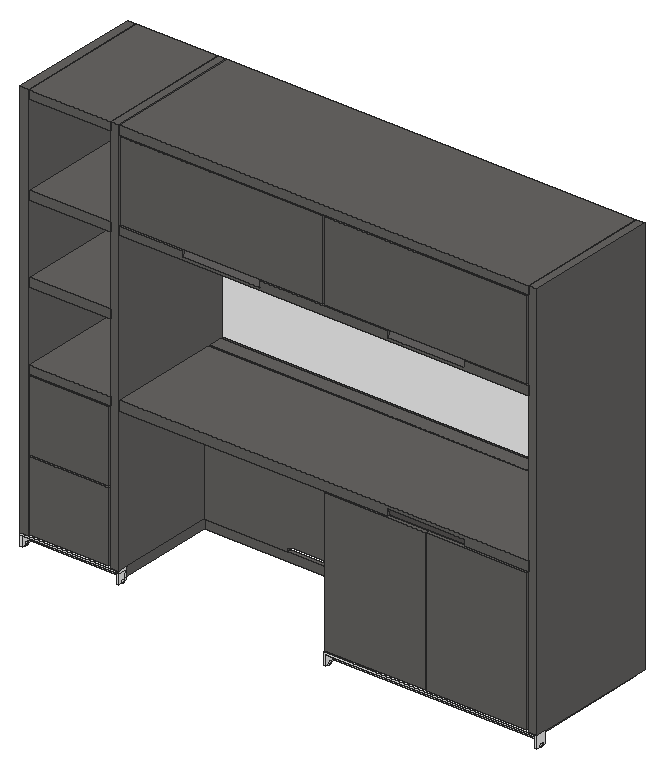
Revit family "Storage-Wall-Teknion-ZXLR_74_High_With_Lights-R2011", category Furniture Systems, Revit 2013
Parameters (values of type "(See Type Catalog)")
  Working Wall Finish [instance] = Glass - Teknion - K6 - White Backpainted
  Width = 92.642"
  Warranty = "http://www.teknionstudio.com/pdfs/Teknion%20Studio%20Warranty.pdf"
  Wall Unit Finish [instance] = Veneer - Teknion - P7 - Grey Oak
  Voltage = 120 V
  Unit Weight = 685.00 lbf
  URL = "www.teknionstudio.com"
  Tabletop Cutout Offset = if(Has Double Doors, 0", 4")  # 0"
  Storage Tower = Storage-Unit-Teknion-Tower : Upper Shelves & File/File Pedestal
  Series = "B&B Italia"
  Product Page URL = "http://www.teknionstudio.com/acexecutive/"
  Product Line = "AC Executive"
  Product Documentation Link = "http://www.teknionstudio.com/pricing/ac_executive_storage_walls_ppg.pdf"
  Power Factor = 1
  Part Number = "ZXLR"
  Number of Poles = 1
  Model = ""
  Manufacturer Phone = "919-464-2920"
  Manufacturer Fax = "919-464-2927"
  Manufacturer Email = "customersupport@teknionstudio.com"
  Manufacturer Address = "3940 US 70 Business HWY West, Clayton, NC 27520"
  Manufacturer = "Teknion Studio"  # constant formula
  Low Emitting Material = yes
  Low Emitting Finish = yes
  Height = 73.81394"
  Has File File Drawers = not(Has Double Doors)  # no
  Has Double Doors = yes
  Description = ""
  Depth = 24"
  Assembly Code = "E2020200"
  Apparent Load = 22.8 VA
Reference planes (in)
  plane 1 "Center F/B": y = 0
  plane 2: z = 0
  plane 3 "Back": y = 12
  plane 4 "Front": y = -12
  plane 5 "Top": z = 73.81394
  plane 6: x = 28.60446
  plane 7: z = 29.68402
  plane 8: z = 56.1289
  plane 9: x = -44.7815
  plane 10: z = 2.1289
  plane 11: x = -8.08858
  plane 12 "Foot Centerline": y = -11.2126
  plane 13 "Tabletop Cutout": y = -12
  plane 14 "Foot Centerline Front": y = -10.22835
  plane 15 "Foot Centerline Back": y = 10.22835
  plane 16: y = -8.484
  plane 17 "Left": x = -62.49817
  plane 18 "Right": x = 30.14383
  plane 19 "Center L/R": x = -16.17717
Forms (in)
  Sweep 1, solid, material "Veneer - Teknion - P7 - Grey Oak" <- "Wall Unit Finish"
    path origin (0, 0, 15.40683) x (-1, 0, 0) y (0, -1, 0)
      loop
        line (0, -12) -> (0, 12)
    profile origin (0, 0, 15.40683) x (1, 0, 0) y (0, 0, 1)
      loop
        line (30.14383, -13.27793) -> (30.14383, 58.4071) -> (28.60446, 58.4071) -> (28.60446, -13.27793) -> (30.14383, -13.27793)
  Sweep 2, solid, material "Metal - Teknion - C6 - Chrome"
    path origin (0, 0, 0) x (1, 0, 0) y (0, 0, 1)
      loop
        line (-8.08858, 0.05803) -> (-8.08858, 2.1289) -> (30.14383, 2.1289) -> (30.14383, 0.05803)
    profile origin (11.02763, 0, 2.1289) x (0, 0, 1) y (0, -1, 0)
      loop
        line (0, 12) -> (-0.394, 12) -> (-0.394, 10.4252) -> (0, 10.4252) -> (0, 12)
  Sweep 3, solid, material "Metal - Teknion - C6 - Chrome"
    path origin (0, 0, 0) x (1, 0, 0) y (0, 0, 1)
      loop
        line (-8.08858, 2.1289) -> (30.14383, 2.1289)
    profile origin (11.02763, 0, 2.1289) x (0, 0, 1) y (0, -1, 0)
      loop
        line (-0.394, 10.6222) -> (-1.5748, 10.6222) -> (-1.5748, 10.4252) -> (-0.394, 10.4252) -> (-0.394, 10.6222)
  Revolve 4, solid, material "Metal - Teknion - C6 - Chrome"
    sketch origin (0.39385, -11.2126, 0) x (0, 0, -1) y (1, 0, 0)
      loop
        line (-0.4911, -8.28543) -> (-0.4911, -8.62008) -> (-0.45173, -8.65945) -> (-0.28492, -8.65945) -> (-0.24555, -8.62008) -> (-0.20618, -8.65945) -> (-0.03937, -8.65945) -> (0, -8.62008) -> (0, -8.28543) -> (-0.4911, -8.28543)
      axis (0, -8.28543) -> (-0.4911, -8.28543)
    angle from 0 to 360
  Sweep 5, solid, material "Veneer - Teknion - P7 - Grey Oak" <- "Wall Unit Finish"
    path origin (0, 0, 0) x (1, 0, 0) y (0, 0, 1)
      loop
        line (-44.7815, 29.68402) -> (28.60446, 29.68402)
    profile origin (-8.08852, 0, 29.68402) x (0, 0, 1) y (0, -1, 0)
      loop
        line (0, 12) -> (-1.7638, 12) -> (-1.7638, -7.11393) -> (-5.30827, -7.11393) -> (-5.30827, -7.08268) -> (-27.55512, -7.08268) -> (-27.55512, -7.11393) -> (-29.0945, -7.11393) -> (-29.0945, -7.80668) -> (-5.30828, -7.80668) -> (-5.30828, -12) -> (44.12992, -12) -> (44.12992, 12) -> (42.59022, 12) -> (42.59022, 11.2126) -> (27.98392, 11.2126) -> (27.98392, 12) -> (26.44488, 12) -> (26.44488, -10.94094) -> (0, -10.94094) -> (0, -10.90969) -> (-0.72441, -10.90969) -> (-0.72441, -10.56693) -> (0, -10.56693) -> (0, -8.05709) -> (-0.72441, -8.05709) -> (-0.72441, -7.80709) -> (0, -7.80709) -> (0, 12)
  Sweep 6, solid, material "Veneer - Teknion - P7 - Grey Oak" <- "Wall Unit Finish"
    path origin (0, 0, 0) x (1, 0, 0) y (0, 0, 1)
      loop
        line (-8.08858, 29.68402) -> (28.60446, 29.68402)
    profile origin (10.25794, 0, 29.68402) x (0, 0, 1) y (0, -1, 0)
      loop
        line (-1.7638, 11.27559) -> (-27.55512, 11.27559) -> (-27.55512, 10.4252) -> (-29.0945, 10.4252) -> (-29.0945, -12) -> (-1.7638, -12) -> (-1.7638, 11.27559)
  Sweep 7, solid, material "Veneer - Teknion - P7 - Grey Oak" <- "Wall Unit Finish"
    path origin (0, 0, 15.40683) x (-1, 0, 0) y (0, -1, 0)
      loop
        line (16.17717, 12) -> (16.17717, 11.276)
    profile origin (-16.17717, -11.638, 15.40683) x (-1, 0, 0) y (0, 0, 1)
      loop
        line (28.35433, 42.5111) -> (28.35433, 56.6174) -> (-7.96358, 56.6174) -> (-7.96358, 42.5111) -> (28.35433, 42.5111)
      loop
        line (-8.21358, 56.6174) -> (-44.53163, 56.6174) -> (-44.53163, 42.5111) -> (-8.21358, 42.5111) -> (-8.21358, 56.6174)
  Sweep 8, solid, material "Veneer - Teknion - P7 - Grey Oak" <- "Wall Unit Finish", visible <- "Has Double Doors"
    path origin (0, 0, 15.40683) x (-1, 0, 0) y (0, -1, 0)
      loop
        line (16.17717, 12) -> (16.17717, 11.276)
    profile origin (-16.17717, -11.638, 15.40683) x (-1, 0, 0) y (0, 0, 1)
      loop
        line (-44.5315, 12.26339) -> (-44.5315, -13.03482) -> (-26.54031, -13.03482) -> (-26.54031, 12.26339) -> (-44.5315, 12.26339)
      loop
        line (-26.29031, 12.26339) -> (-26.29031, -13.03482) -> (-8.33858, -13.03482) -> (-8.33858, 12.26339) -> (-26.29031, 12.26339)
  Sweep 9, solid, material "Veneer - Teknion - P7 - Grey Oak" <- "Wall Unit Finish", visible <- "Has File File Drawers"
    path origin (0, 0, 15.40683) x (-1, 0, 0) y (0, -1, 0)
      loop
        line (16.17717, 12) -> (16.17717, 11.276)
    profile origin (-16.17717, -11.638, 15.40683) x (-1, 0, 0) y (0, 0, 1)
      loop
        line (-44.5315, 12.26339) -> (-44.5315, 0.01144) -> (-8.33858, 0.01144) -> (-8.33858, 12.26339) -> (-44.5315, 12.26339)
      loop
        line (-8.33858, -0.77597) -> (-44.5315, -0.77597) -> (-44.5315, -13.03482) -> (-8.33858, -13.03482) -> (-8.33858, -0.77597)
  Sweep 10, void
    path origin (0, 0, 0) x (1, 0, 0) y (0, 0, 1)
      loop
        line (3.34838, 29.68402) -> (17.12791, 29.68402)
    profile origin (10.23815, 0, 29.68402) x (0, 0, 1) y (0, -1, 0)
      loop
        line (-1.7638, 12) -> (-1.7638, 11.52756) -> (-0.66143, 12) -> (-1.7638, 12)
  Sweep 11, void
    path origin (0, 0, 0) x (1, 0, 0) y (0, 0, 1)
      loop
        line (-33.3248, 56.1289) -> (-19.54528, 56.1289)
    profile origin (-26.43504, 0, 56.1289) x (0, 0, 1) y (0, -1, 0)
      loop
        line (1.53937, 12) -> (0.43699, 12) -> (1.53937, 11.52755) -> (1.53937, 12)
  Sweep 12, void
    path origin (0, 0, 0) x (1, 0, 0) y (0, 0, 1)
      loop
        line (3.36811, 56.1289) -> (17.14764, 56.1289)
    profile origin (10.25787, 0, 56.1289) x (0, 0, 1) y (0, -1, 0)
      loop
        line (1.53937, 11.52755) -> (1.53937, 12) -> (0.43699, 12) -> (1.53937, 11.52755)
  Sweep 13, void
    path origin (0, 0, 15.40683) x (-1, 0, 0) y (0, -1, 0)
      loop
        line (0, -7.80668) -> (0, -7.08268)
    profile origin (0, 7.44468, 15.40683) x (1, 0, 0) y (0, 0, 1)
      loop
        line (-29.86024, 8.96892) -> (-29.86024, 8.10396)
        arc (-29.86024, 8.10396) -> (-29.62961, 7.54718) -> (-29.07283, 7.31655) r 0.7874
        line (-29.07283, 7.31655) -> (-23.75787, 7.31655)
        arc (-23.75787, 7.31655) -> (-23.2011, 7.54718) -> (-22.97047, 8.10396) r 0.7874
        line (-22.97047, 8.10396) -> (-22.97047, 8.96892) -> (-29.86024, 8.96892)
      loop
        line (-22.97047, -13.27793) -> (-22.97047, -13.12045)
        arc (-22.97047, -13.12045) -> (-23.18957, -12.59152) -> (-23.7185, -12.37242) r 0.74803
        line (-23.7185, -12.37242) -> (-29.1122, -12.37242)
        arc (-29.1122, -12.37242) -> (-29.64114, -12.59152) -> (-29.86024, -13.12045) r 0.74803
        line (-29.86024, -13.12045) -> (-29.86024, -13.27793) -> (-22.97047, -13.27793)
  Revolve 14, solid, material "Metal - Teknion - C6 - Chrome"
    sketch origin (38.23227, -11.2126, 0) x (0, 0, -1) y (1, 0, 0)
      loop
        line (-0.4911, -8.28543) -> (-0.4911, -8.62008) -> (-0.45173, -8.65945) -> (-0.28492, -8.65945) -> (-0.24555, -8.62008) -> (-0.20618, -8.65945) -> (-0.03937, -8.65945) -> (0, -8.62008) -> (0, -8.28543) -> (-0.4911, -8.28543)
      axis (0, -8.28543) -> (-0.4911, -8.28543)
    angle from 0 to 360
Cuts and joins
  joined: Sweep 2, Sweep 3, Revolve 4
  Sweep 10, Sweep 11, Sweep 12, Sweep 13 cuts Sweep 5
Lines and regions (in)
  Masking region 1
    outline origin (0, 0, 15.40683) x (-1, 0, 0) y (0, -1, 0)
      loop
        line (44.7815, -12) -> (44.7815, 12) -> (-30.14383, 12) -> (-30.14383, -12) -> (44.7815, -12)
  symbolic lines, style "Elevation Swing"
    curve 1: line (-44.7815, -12, 57.66827) -> (-26.43504, -12, 72.02424)
    curve 2: line (-8.08858, -12, 57.66832) -> (-26.43504, -12, 72.02424)
    curve 3: line (-8.08858, 0, 57.66832) -> (10.25794, 0, 72.19583)
    curve 4: line (10.25794, 0, 72.19583) -> (28.60446, 0, 57.66827)
  symbolic lines, style "Elevation Swing", visible <- "Has Double Doors"
    curve 5: line (10.11315, 0, 27.67022) -> (-7.83858, 0, 15.02111)
    curve 6: line (-7.83858, 0, 15.02111) -> (10.11315, 0, 2.37201)
    curve 7: line (10.36315, 0, 2.37201) -> (28.35433, 0, 15.02456)
    curve 8: line (28.35433, 0, 15.02456) -> (10.36315, 0, 27.67022)
  symbolic lines, detail levels medium+fine
    curve 9: line (-8.08858, 12, 15.40683) -> (-8.08858, -12, 15.40683)
  symbolic lines, style "FurnitureSystemsHiddenLines", detail levels fine
    curve 10: line (28.60433, -11.276, 15.40683) -> (-8.08858, -11.276, 15.40683)
    curve 15: line (28.60433, 12, 15.40683) -> (28.60433, -12, 15.40683)
  symbolic lines, visible <- "Has Double Doors"
    curve 11: arc (10.25794, -12, 15.40683) -> (15.63147, -24.97286, 15.40683) -> (28.60433, -30.34639, 15.40683) r 18.34639
    curve 12: line (-8.08858, -12, 15.40683) -> (-8.08858, -30.34652, 15.40683)
    curve 13: line (28.60433, -12, 15.40683) -> (28.60433, -30.34639, 15.40683)
    curve 14: arc (-8.08858, -30.34652, 15.40683) -> (4.88437, -24.97295, 15.40683) -> (10.25794, -12, 15.40683) r 18.34652
Dimensions and locks (in)
  plane 17 "Left" to plane 18 "Right" = 92.642"
  equal spacing: plane 3 "Back", plane 1 "Center F/B", plane 4 "Front"
  "Depth": plane 3 "Back" to plane 4 "Front"
  "Height": plane 5 "Top" to plane 2
  locked: plane 7 to plane 2 at 29.68402
  locked: plane 8 to plane 7 at 26.44488
  locked: plane 10 to plane 2 at 2.1289
  locked: Sweep 2 sketch curve to plane 2 at 0.05803  (x2)
  locked: plane 10 to Sweep 3 sketch curve at 0.394
  locked: Sweep 3 sketch curve to Sweep 3 sketch curve at 1.1808
  plane 4 "Front" to Sweep 3 sketch curve to Sweep 3 sketch curve = 1.3778" locked, 0.197" locked
  locked: Revolve 4 sketch curve to plane 2 at 0.4911
  plane 11 to Revolve 4 sketch curve = 0.17702"  (x2)
  Revolve 4 sketch curve to Revolve 4 sketch curve to Revolve 4 sketch curve to Revolve 4 sketch curve to Revolve 4 sketch curve to plane 2 = 0.16681" locked, 0.03937" locked, 0.03937" locked, 0.16681" locked, 0.03937" locked
  Revolve 4 sketch curve to plane 11 = 0.197"
  locked: plane 4 "Front" to plane 12 "Foot Centerline" at 0.7874
  locked: plane 10 to Sweep 5 sketch curve at 1.53939
  locked: plane 7 to Sweep 5 sketch curve at 1.7638
  Sweep 6 sketch curve to Sweep 6 sketch curve to plane 3 "Back" = 23.27559", 0"
  locked: plane 7 to Sweep 6 sketch curve at 1.7638
  locked: plane 4 "Front" to Sweep 6 sketch curve at 1.5748
  locked: plane 4 "Front" to Sweep 7 sketch curve at 0.724
  plane 5 "Top" to Sweep 7 sketch curve to Sweep 7 sketch curve = 1.7897" locked, 14.1063" locked  (x2)
  Sweep 7 sketch curve to Sweep 7 sketch curve to Sweep 7 sketch curve to Sweep 7 sketch curve = 36.31805", 1/4", 36.31791"
  locked: plane 4 "Front" to Sweep 8 sketch curve at 0.724
  locked: plane 4 "Front" to Sweep 9 sketch curve at 0.724
  locked: Sweep 10 sketch curve to Sweep 10 sketch curve at 13.77953
  locked: plane 7 to Sweep 10 sketch curve at 1.7638
  locked: plane 13 "Tabletop Cutout" to Sweep 10 sketch curve at 0.47244
  "Tabletop Cutout Offset": plane 13 "Tabletop Cutout" to plane 4 "Front"
  locked: Sweep 11 sketch curve to Sweep 11 sketch curve at 13.77953
  locked: Sweep 11 sketch curve to plane 8 at 1.53937
  locked: Sweep 11 sketch curve to plane 8 at 0.43699
  locked: plane 4 "Front" to Sweep 11 sketch curve at 0.47245
  Sweep 12 sketch curve to Sweep 12 sketch curve to plane 8 = 1.10238" locked, 0.43699" locked
  locked: plane 4 "Front" to Sweep 12 sketch curve at 0.47245
  plane 3 "Back" to Sweep 13 sketch curve to Sweep 13 sketch curve = 4.19332" locked, 0.724" locked
  equal spacing: plane 11, curve 2, plane 9
  equal spacing: plane 6, curve 4, plane 11
  locked: plane 4 "Front" to curve 10 at 0.724
  locked: plane 3 "Back" to plane 15 "Foot Centerline Back" at 1.77165
  locked: plane 4 "Front" to plane 14 "Foot Centerline Front" at 1.77165
  locked: plane 4 "Front" to plane 16 at 3.516
  locked: plane 17 "Left" to plane 9 at 17.71667
  locked: Sweep 8 sketch curve to Sweep 8 sketch curve at 25.29821  (x2)
  Sweep 8 sketch curve to Sweep 8 sketch curve to Sweep 8 sketch curve to Sweep 8 sketch curve = 17.95173" locked, 1/4" locked, 17.99118" locked
  Sweep 9 sketch curve to Sweep 9 sketch curve to Sweep 9 sketch curve to Sweep 9 sketch curve = 12.25195" locked, 0.7874" locked, 12.25886" locked
  locked: Sweep 9 sketch curve to Sweep 9 sketch curve at 36.19291  (x2)
  equal spacing: curve 12, curve 14, plane 6
  locked: Sweep 13 sketch curve to Sweep 13 sketch curve at 6.88976  (x2)
  locked: Sweep 13 sketch curve to Sweep 13 sketch curve at 1.65236
  locked: Sweep 1 sketch curve to plane 6 at 1.53937
  locked: plane 6 to Sweep 2 sketch curve at 1.53937
  locked: Sweep 3 sketch curve to plane 6 at 1.53937
  Revolve 14 sketch curve to Revolve 14 sketch curve to Revolve 14 sketch curve to Revolve 14 sketch curve to Revolve 14 sketch curve = 0.16681" locked, 0.03937" locked, 0.03937" locked, 0.16681" locked
  locked: plane 6 to Sweep 10 sketch curve at 11.47655
  locked: plane 11 to Sweep 11 sketch curve at 11.45669
  Sweep 12 sketch curve to Sweep 12 sketch curve to plane 11 = 13.77953" locked, 11.45669" locked
  locked: Sweep 13 sketch curve to plane 11 at 14.88189
  locked: plane 11 to Sweep 13 sketch curve at 14.88189
  locked: plane 11 to Sweep 9 sketch curve at 0.25
  locked: Sweep 9 sketch curve to plane 11 at 0.25
  locked: plane 7 to Sweep 9 sketch curve at 2.0138
  locked: Sweep 8 sketch curve to plane 11 at 0.25
  locked: plane 7 to Sweep 8 sketch curve at 2.0138  (x2)
  locked: plane 6 to plane 18 "Right" at 1.53937
  equal spacing: plane 17 "Left", plane 19 "Center L/R", plane 18 "Right"
  locked: plane 19 "Center L/R" to plane 11 at 8.08858
  locked: Sweep 7 sketch curve to plane 6 at 0.25
  locked: plane 18 "Right" to Revolve 14 sketch curve at 0.197
  locked: Revolve 4 sketch curve to plane 11 at 0.197
  aligned and locked: level to plane 2
  aligned and locked: plane 3 "Back" to Sweep 1 sketch curve
  aligned and locked: plane 4 "Front" to Sweep 1 sketch curve
  aligned and locked: Sweep 2 sketch curve to plane 10  (x2)
  aligned and locked: Sweep 2 sketch curve to plane 4 "Front"
  aligned and locked: Sweep 3 sketch curve to plane 10
  aligned and locked: plane 2 to Revolve 4 sketch curve
  aligned and locked: Revolve 4 sketch curve to plane 2
  aligned and locked: plane 9 to Sweep 5 sketch curve
  aligned and locked: plane 6 to Sweep 5 sketch curve
  aligned and locked: Sweep 5 sketch curve to plane 7  (x4)
  aligned and locked: Sweep 5 sketch curve to plane 4 "Front"
  aligned and locked: plane 3 "Back" to Sweep 5 sketch curve
  aligned and locked: Sweep 6 sketch curve to plane 7
  aligned and locked: plane 10 to Sweep 6 sketch curve
  aligned and locked: plane 4 "Front" to Sweep 7 sketch curve
  aligned and locked: Sweep 5 sketch curve to plane 8
  aligned and locked: plane 4 "Front" to Sweep 8 sketch curve
  aligned and locked: plane 4 "Front" to Sweep 9 sketch curve
  aligned and locked: Sweep 10 sketch curve to plane 7
  aligned and locked: plane 13 "Tabletop Cutout" to Sweep 10 sketch curve
  aligned and locked: Sweep 11 sketch curve to plane 8
  aligned and locked: Sweep 12 sketch curve to plane 8
  aligned and locked: Sweep 12 sketch curve to plane 4 "Front"
  aligned and locked: plane 9 to curve 1
  aligned and locked: plane 11 to curve 2
  aligned and locked: Sweep 7 to curve 2
  aligned and locked: plane 6 to curve 4
  aligned and locked: Masking region 1 sketch curve to plane 3 "Back"
  aligned and locked: Masking region 1 sketch curve to plane 4 "Front"
  aligned and locked: plane 3 "Back" to curve 9
  aligned and locked: plane 4 "Front" to curve 9
  aligned and locked: plane 3 "Back" to curve 15
  aligned and locked: plane 4 "Front" to curve 15
  aligned and locked: plane 4 "Front" to Sweep 11 sketch curve
  aligned and locked: Sweep 5 sketch curve to plane 5 "Top"
  aligned and locked: plane 12 "Foot Centerline" to Sweep 5 sketch curve
  aligned and locked: plane 4 "Front" to Sweep 5 sketch curve  (x2)
  aligned and locked: plane 4 "Front" to curve 14
  aligned: plane 8 to nested 1
  aligned: plane 11 to nested 1
  aligned and locked: nested 1 to plane 16
  aligned and locked: plane 8 to nested 1
  aligned and locked: plane 11 to nested 1
  aligned and locked: Sweep 2 sketch curve to plane 11
  aligned and locked: plane 11 to Sweep 3 sketch curve
  aligned and locked: Sweep 1 sketch curve to plane 6
  aligned and locked: plane 5 "Top" to Sweep 1 sketch curve
  aligned and locked: Sweep 1 sketch curve to plane 10
  aligned and locked: plane 10 to Sweep 13 sketch curve
  aligned and locked: Masking region 1 sketch curve to plane 18 "Right"
  aligned and locked: plane 9 to Masking region 1 sketch curve
  aligned and locked: Sweep 8 sketch curve to plane 19 "Center L/R"
  aligned and locked: plane 1 "Center F/B" to Sweep 6 sketch curve
  aligned and locked: plane 11 to Sweep 6 sketch curve
  aligned and locked: plane 6 to Sweep 6 sketch curve
  aligned and locked: Sweep 9 sketch curve to plane 19 "Center L/R"
  aligned and locked: Sweep 7 sketch curve to plane 19 "Center L/R"
  aligned and locked: nested 2 to plane 2
  aligned and locked: Sweep 8 to curve 7
  aligned and locked: curve 6 to Sweep 8
  aligned and locked: curve 8 to Sweep 8
  aligned and locked: Sweep 8 to curve 5
  aligned and locked: Sweep 8 to Sweep 8
  aligned and locked: Sweep 8 to curve 6
  aligned and locked: curve 7 to Sweep 8
  aligned and locked: Sweep 8 to curve 8
  aligned and locked: Revolve 14 sketch curve to Revolve 14 sketch curve  (x2)
  aligned and locked: Revolve 14 sketch curve to plane 2
  aligned and locked: Revolve 4 sketch curve to Revolve 4 sketch curve
  aligned and locked: plane 9 to nested 2
  aligned and locked: nested 2 to plane 1 "Center F/B"
Automatic sketch dimensions
  curve 9 to plane 11 = 0"
  curve 11 to plane 6 = 0.00013"
  curve 11 to curve 14 = 0"
  plane 8 to curve 2 = 1.53942"
  plane 8 to curve 1 = 1.53937"
  profile plane to Sweep 2 sketch curve = 0.394"
  Sweep 2 sketch curve to Sweep 2 sketch curve = 1.5748"
  Sweep 5 sketch curve to Sweep 5 sketch curve = 1.53939"
  Sweep 5 sketch curve to Sweep 5 sketch curve = 3.54449"
  Sweep 5 sketch curve to Sweep 5 sketch curve = 0"
  profile plane to Sweep 5 sketch curve = 0.72441"  (x2)
  Sweep 5 sketch curve to Sweep 5 sketch curve = 1.53904"
  Sweep 5 sketch curve to Sweep 5 sketch curve = 1.5397"
  Sweep 5 sketch curve to Sweep 5 sketch curve = 1.05906"
  Sweep 5 sketch curve to Sweep 5 sketch curve = 1/32"  (x2)
  Sweep 5 sketch curve to Sweep 5 sketch curve = 0.34277"
  Sweep 5 sketch curve to Sweep 5 sketch curve = 2.50984"
  Sweep 5 sketch curve to Sweep 5 sketch curve = 1/4"
  Sweep 5 sketch curve to plane 1 "Center F/B" = 7.80668"
  Sweep 5 sketch curve to Sweep 5 sketch curve = 0.69275"
  Sweep 5 sketch curve to Sweep 5 sketch curve = 0.69316"
  Sweep 6 sketch curve to plane 11 = 0"
  Sweep 6 sketch curve to plane 6 = 0"
  Sweep 6 sketch curve to Sweep 6 sketch curve = 1.53939"
  profile plane to Sweep 10 sketch curve = 0.66143"
  profile plane to Sweep 13 sketch curve = 8.96892"
  Sweep 13 sketch curve to Sweep 13 sketch curve = 0.74803"  (x2)
  Sweep 13 sketch curve to Sweep 13 sketch curve = 0.7874"  (x2)
  Sweep 13 sketch curve to Sweep 13 sketch curve = 0.15748"
  plane 11 to Sweep 1 sketch curve = 8.08858"
  plane 11 to Sweep 13 sketch curve = 8.08858"
  curve 3 to plane 11 = 0"
  curve 8 to plane 6 = 0.25013"
  curve 8 to curve 5 = 0"
  plane 10 to curve 8 = 12.89566"
  plane 10 to curve 6 = 12.89222"
  plane 10 to curve 6 = 0.24311"
  plane 8 to curve 4 = 1.53937"
  plane 8 to curve 3 = 1.53942"
  curve 3 to plane 5 "Top" = 1.61811"
  level to Revolve 14 sketch curve = 0.03937"
  Revolve 14 sketch curve to Revolve 14 sketch curve = 0.03937"  (x2)
  Revolve 14 sketch curve to Revolve 14 sketch curve = 0.7589"
  Revolve 14 sketch curve to level = 1"
  Revolve 14 sketch curve to plane 18 "Right" = 0.53165"
  Revolve 14 sketch curve to Revolve 14 sketch curve = 0"  (x2)
  Revolve 4 sketch curve to Revolve 4 sketch curve = 0.4777"
  Revolve 4 sketch curve to Revolve 4 sketch curve = 0.03937"  (x2)
Nested families (in)
  nested 1: "Lighting-Teknion-Storage_Wall" at (-8.08858, 0.12401, 56.1289), type "Lighting-Teknion-Storage_Wall"
  nested 2: "Storage-Unit-Teknion-Tower" at (-53.63976, 0, 0) x (-1, 0, 0) z (0, 0, 1), type <- "Storage Tower", Height <- "Height", type "Upper Shelves & File/File Pedestal"
    with Height 73.81394", Has Top Shelf no, Bottom Drawer Height 13.047", Has Left Leg yes
Connectors (in)
  electrical at (-8.08852, 12, 49.09483), driven by "Number of Poles", driven by "Voltage", driven by "Apparent Load", driven by "Power Factor"
    settings: on cut or joined group of Sweep 5, Sweep 10, Sweep 11, Sweep 12, Sweep 13, index 1, voltage 120 V, apparent load 0 VA, apparent load phase1 22.8 VA, apparent load phase2 0 VA, apparent load phase3 0 VA, power factor 1, load classification "Other", number of poles 1, system type 31, power factor state 1, is connector primary yes, connector utility no, sub classification motor no, connector description "Electrical Connector"
Definition of nested family "Lighting-Teknion-Storage_Wall"
  Parameters (values of type "Lighting-Teknion-Storage_Wall")
    Wattage = 4.03926 W
    built-in parameter 1150110 = 1 (stored number, unit not read)
    built-in parameter 1114217 = 1 (stored number, unit not read)
    built-in parameter 1150109 = 1 (stored number, unit not read)
    built-in parameter 1150134 = 1
    built-in parameter 1150113 = 1 (stored number, unit not read)
    Offset From Reference Level = 0"
    Lumens = 600 lm
    built-in parameter 1150115 = 1 (stored number, unit not read)
    built-in parameter 1150105 = 190.99 (stored number, unit not read)
    Light Source Symbol Size = 3"
    built-in parameter 1150137 = (empty or 0)
    built-in parameter 1150139 = (empty or 0)
    built-in parameter 1150112 = 1 (stored number, unit not read)
    built-in parameter 1150114 = 1 (stored number, unit not read)
    built-in parameter 1150132 = 2
    built-in parameter 1150102 = (empty or 0)
    built-in parameter 1150138 = (empty or 0)
    built-in parameter 1150107 = 6500 (stored number, unit not read)
    built-in parameter 1150106 = 1.9099 (stored number, unit not read)
    Emit from Line Length = 68"
    built-in parameter 1150104 = 13.8 (stored number, unit not read)
    Dimming Lamp Color Temperature Shift = 1
    Default Elevation = 48"
    Color Filter = 16776172
    built-in parameter 1114218 = 1 (stored number, unit not read)
    built-in parameter 1150133 = 10 (stored number, unit not read)
    Assembly Code = ""
  Reference planes (in)
    plane 1 "Light Source Axis (F/B)": y = -8.60801
    plane 2: z = 0
    plane 3 "Light Source Axis (L/R)": x = 0
    plane 4 "Light Source Elevation": z = 0
    plane 5: z = 0
    plane 6: x = -36.6875
    plane 7: x = 36.6875
  Forms (in)
    Sweep 1, solid, material "Glass - Teknion - CL - Clear"
      path origin (0, 0, 0) x (1, 0, 0) y (0, 1, 0)
        loop
          line (-36.6875, -8.60801) -> (36.6875, -8.60801)
      profile origin (0, -8.60801, 0) x (0, 1, 0) y (0, 0, 1)
        loop
          line (-0.51562, 0) -> (-0.51562, -0.40625) -> (0.51563, -0.40625) -> (0.51563, 0) -> (-0.51562, 0)
  Dimensions and locks (in)
    equal spacing: plane 7, plane 3 "Light Source Axis (L/R)", plane 6
    locked: plane 7 to plane 6 at 73.375
    locked: plane 5 to Sweep 1 sketch curve at 0.40625
    equal spacing: Sweep 1 sketch curve, plane 1 "Light Source Axis (F/B)", Sweep 1 sketch curve
    locked: Sweep 1 sketch curve to Sweep 1 sketch curve at 1.03125
    aligned and locked: plane 3 "Light Source Axis (L/R)" to imposter light
    aligned and locked: plane 1 "Light Source Axis (F/B)" to imposter light
    aligned and locked: plane 4 "Light Source Elevation" to imposter light
    aligned and locked: level to plane 5
    aligned and locked: plane 5 to plane 2
    aligned and locked: plane 6 to Sweep 1 sketch curve
    aligned and locked: plane 7 to Sweep 1 sketch curve
    aligned and locked: plane 1 "Light Source Axis (F/B)" to Sweep 1 sketch curve
    aligned and locked: Sweep 1 sketch curve to profile plane
Definition of nested family "Storage-Unit-Teknion-Tower"
  Parameters (values of type "Upper Wardrobe & Lower Door")
    Width = 17.71654"
    Warranty = "http://www.teknionstudio.com/pdfs/Teknion%20Studio%20Warranty.pdf"
    Wall Unit Finish = Veneer - Teknion - P8 - Light Brushed Oak
    URL = "www.teknionstudio.com"
    Series = "B&B Italia"
    Product Line = "AC Executive"
    Model = ""
    Middle Drawer Height = if(Has Top Drawer, 6.425", 12.719")  # 12.719"
    Manufacturer Phone = "919-464-2920"
    Manufacturer Fax = "919-464-2927"
    Manufacturer Email = "customersupport@teknionstudio.com"
    Manufacturer Address = "3940 US 70 Business HWY West, Clayton, NC 27520"
    Manufacturer = "Teknion Studio"  # constant formula
    Height [instance] = 73.81394"
    Has Top Shelf [instance] = and(Height > 75", Has Shelves)  # no
    Has Top Drawer = no
    Has Top Door = yes
    Has Shelves = no
    Has Right Leg = yes
    Has Middle Drawer = no
    Has Lower Shelf = yes
    Has Left Leg = no
    Has Full Wardrobe Door = no
    Has Doors = yes
    Door Projection Symbol = yes
    Description = "Tower Storage Unit"
    Depth = 24"
    Bottom Drawer Height [instance] = if(Has Middle Drawer, 13.047", if(Has Top Drawer, 13.047", if(Has Full Wardrobe Door, (Height - 3.668"), 26.016")))  # 26.016"
    Assembly Code = "E2010200"
  Types (7): name | Wall Unit Finish | Series | Product Line | Middle Drawer Height | Has Top Drawer | Has Top Door | Has Shelves | Has Middle Drawer | Has Lower Shelf | Has Full Wardrobe Door | Has Doors | Door Projection Symbol | Bottom Drawer Height
    Upper Shelves & Lower Door | none | "AC Executive" | "" | 12.719" | no | no | yes | no | yes | no | yes | yes | 26.016"
    Upper Shelves & File/File Pedestal | none | "AC Executive" | "" | 12.719" | no | no | yes | yes | yes | no | no | no | 13.047"
    Upper Shelves & Box/Box/File Pedestal | Veneer - Teknion - P8 - Light Brushed Oak | "AC Executive" | "" | 6.425" | yes | no | yes | yes | yes | yes | no | no | 13.047"
    Full Wardrobe | none | "AC Executive" | "" | 12.719" | no | no | no | no | no | yes | yes | yes | 70.14594"
    Upper Wardrobe & Lower Door | Veneer - Teknion - P8 - Light Brushed Oak | "B&B Italia" | "AC Executive" | 12.719" | no | yes | no | no | yes | no | yes | yes | 26.016"
    Upper Wardrobe & File/File Pedestal | none | "AC Executive" | "" | 12.719" | no | yes | no | yes | yes | no | no | yes | 13.047"
    Upper Wardrobe & Box/Box/File Pedestal | none | "AC Executive" | "" | 6.425" | yes | yes | no | yes | yes | no | no | yes | 13.047"
  Reference planes (in)
    plane 1 "Center F/B": y = 0
    plane 2: z = 0
    plane 3 "Center L/R": x = 0
    plane 4 "Left": x = -8.85827
    plane 5 "Right": x = 8.85827
    plane 6 "Back": y = 12
    plane 7 "Front": y = -12
    plane 8 "Top": z = 73.81394
    plane 9: x = -7.3189
    plane 10: x = 7.3189
    plane 11: z = 2.1289
    plane 12 "Foot Centerline": y = -11.2126
    plane 13: z = 29.68402
    plane 14 "Drawer 1 Top": z = 28.1449
    plane 15 "Drawer 2 Top": z = 40.8639
    plane 16 "Drawer 3 Top": z = 27.89502
    plane 17: z = 42.13677
  Forms (in)
    Sweep 1, solid, material "Metal - Teknion - C6 - Chrome", visible <- "Has Left Leg"
      path origin (0, -12, 0) x (1, 0, 0) y (0, 0, 1)
        loop
          line (-8.85827, 1.7349) -> (-8.85827, 0.05803)
      profile origin (-8.85827, -12, 0.89646) x (0, -1, 0) y (1, 0, 0)
        loop
          line (-1.5748, 0) -> (0, 0) -> (0, 0.394) -> (-1.5748, 0.394) -> (-1.5748, 0)
    Sweep 2, solid, material "Metal - Teknion - C6 - Chrome"
      path origin (0, -12, 0) x (1, 0, 0) y (0, 0, 1)
        loop
          line (-8.85827, 2.1289) -> (8.46427, 2.1289)
      profile origin (-0.197, -12, 2.1289) x (0, 0, 1) y (0, -1, 0)
        loop
          line (-0.394, -1.5748) -> (-0.394, -1.3778) -> (-1.575, -1.3778) -> (-1.575, -1.5748) -> (-0.394, -1.5748)
    Revolve 3, solid, material "Metal - Teknion - C6 - Chrome"
      sketch origin (0, -11.2126, 0) x (0, 0, -1) y (1, 0, 0)
        loop
          line (-0.4911, 8.32677) -> (-0.45173, 8.2874) -> (-0.28492, 8.2874) -> (-0.24555, 8.32677) -> (-0.20618, 8.2874) -> (-0.03937, 8.2874) -> (0, 8.32677) -> (0, 8.66142) -> (-0.4911, 8.66142) -> (-0.4911, 8.32677)
        axis (0, 8.66142) -> (-0.4911, 8.66142)
      angle from 0 to 360
    Revolve 4, solid, material "Metal - Teknion - C6 - Chrome", visible <- "Has Left Leg"
      sketch origin (0, -11.2126, 0) x (0, 0, -1) y (1, 0, 0)
        loop
          line (0, -8.99606) -> (0, -8.66142) -> (-0.4911, -8.66142) -> (-0.4911, -8.99606) -> (-0.45173, -9.03543) -> (-0.28492, -9.03543) -> (-0.24555, -8.99606) -> (-0.20618, -9.03543) -> (-0.03937, -9.03543) -> (0, -8.99606)
        axis (0, -8.66142) -> (-0.4911, -8.66142)
      angle from 0 to 360
    Sweep 5, solid, material "Veneer - Teknion - P8 - Light Brushed Oak" <- "Wall Unit Finish"
      path origin (0, 0, 0) x (1, 0, 0) y (0, 0, 1)
        loop
          line (0, 2.1289) -> (0, 73.81394)
      profile origin (0, 0, 37.97142) x (-1, 0, 0) y (0, -1, 0)
        loop
          line (8.85827, -12) -> (8.85827, 12) -> (7.3189, 12) -> (7.3189, -12) -> (8.85827, -12)
        loop
          line (-7.3189, 12) -> (-8.85827, 12) -> (-8.85827, -12) -> (-7.3189, -12) -> (-7.3189, 12)
    Sweep 6, solid, material "Veneer - Teknion - P8 - Light Brushed Oak" <- "Wall Unit Finish"
      path origin (0, 0, 15.40683) x (-1, 0, 0) y (0, -1, 0)
        loop
          line (0, -12) -> (0, 12)
      profile origin (0, 0, 15.40683) x (1, 0, 0) y (0, 0, 1)
        loop
          line (-7.3189, 58.4071) -> (-7.3189, 56.86773) -> (7.3189, 56.86773) -> (7.3189, 58.4071) -> (-7.3189, 58.4071)
    Sweep 7, solid, material "Veneer - Teknion - P8 - Light Brushed Oak" <- "Wall Unit Finish"
      path origin (0, -12, 0) x (1, 0, 0) y (0, 0, 1)
        loop
          line (0, 2.1289) -> (0, 72.27457)
      profile origin (0, -12, 37.20173) x (-1, 0, 0) y (0, -1, 0)
        loop
          line (7.3189, -24) -> (7.3189, -23.25) -> (-7.3189, -23.25) -> (-7.3189, -24) -> (7.3189, -24)
    Sweep 8, solid, material "Veneer - Teknion - P8 - Light Brushed Oak" <- "Wall Unit Finish", visible <- "Has Lower Shelf"
      path origin (0, -12, 0) x (1, 0, 0) y (0, 0, 1)
        loop
          line (-7.3189, 29.68402) -> (7.3189, 29.68402)
      profile origin (0, -12, 29.68402) x (0, 0, 1) y (0, -1, 0)
        loop
          line (0, 0) -> (-1.539, 0) -> (-1.539, -0.724) -> (-27.55512, -0.724) -> (-27.55512, -23.25) -> (0, -23.25) -> (0, 0)
    Sweep 9, solid, material "Veneer - Teknion - P8 - Light Brushed Oak" <- "Wall Unit Finish"
      path origin (0, -12, 0) x (1, 0, 0) y (0, 0, 1)
        loop
          line (0, 2.3789) -> (0, 27.8949)
      profile origin (0, -12, 15.1369) x (-1, 0, 0) y (0, -1, 0)
        loop
          line (7.0689, -0.724) -> (7.0689, 0) -> (-7.0689, 0) -> (-7.0689, -0.724) -> (7.0689, -0.724)
    Sweep 10, solid, material "Veneer - Teknion - P8 - Light Brushed Oak" <- "Wall Unit Finish", visible <- "Has Middle Drawer"
      path origin (0, -12, 0) x (1, 0, 0) y (0, 0, 1)
        loop
          line (0, 28.1449) -> (0, 40.8639)
      profile origin (0, -12, 34.5044) x (-1, 0, 0) y (0, -1, 0)
        loop
          line (7.0689, -0.724) -> (7.0689, 0) -> (-7.0689, 0) -> (-7.0689, -0.724) -> (7.0689, -0.724)
    Sweep 11, solid, material "Veneer - Teknion - P8 - Light Brushed Oak" <- "Wall Unit Finish", visible <- "Has Top Drawer"
      path origin (0, -12, 0) x (1, 0, 0) y (0, 0, 1)
        loop
          line (0, 47.15802) -> (0, 41.1139)
      profile origin (0, -12, 44.13596) x (0, -1, 0) y (1, 0, 0)
        loop
          line (0, 7.0689) -> (-0.724, 7.0689) -> (-0.724, -7.0689) -> (0, -7.0689) -> (0, 7.0689)
    Sweep 12, solid, material "Veneer - Teknion - P8 - Light Brushed Oak" <- "Wall Unit Finish", visible <- "Has Shelves"
      path origin (0, -12, 0) x (1, 0, 0) y (0, 0, 1)
        loop
          line (0, 42.13677) -> (0, 43.67614)
      profile origin (0, -12, 42.90646) x (-1, 0, 0) y (0, -1, 0)
        loop
          line (7.3189, -23.25) -> (7.3189, 0) -> (-7.3189, 0) -> (-7.3189, -23.25) -> (7.3189, -23.25)
    Sweep 13, solid, material "Veneer - Teknion - P8 - Light Brushed Oak" <- "Wall Unit Finish", visible <- "Has Shelves"
      path origin (0, -12, 13.9918) x (1, 0, 0) y (0, 0, 1)
        loop
          line (0, 42.13677) -> (0, 43.67614)
      profile origin (0, -12, 56.89825) x (-1, 0, 0) y (0, -1, 0)
        loop
          line (7.3189, -23.25) -> (7.3189, 0) -> (-7.3189, 0) -> (-7.3189, -23.25) -> (7.3189, -23.25)
    Sweep 14, solid, material "Veneer - Teknion - P8 - Light Brushed Oak" <- "Wall Unit Finish", visible <- "Has Top Door"
      path origin (0, -12, 0) x (1, 0, 0) y (0, 0, 1)
        loop
          line (0, 29.93402) -> (0, 72.02457)
      profile origin (0, -12, 50.97929) x (-1, 0, 0) y (0, -1, 0)
        loop
          line (7.0689, -0.724) -> (7.0689, 0) -> (-7.0689, 0) -> (-7.0689, -0.724) -> (7.0689, -0.724)
    Sweep 15, solid, material "Veneer - Teknion - P8 - Light Brushed Oak" <- "Wall Unit Finish"
      path origin (0, -12, 0) x (1, 0, 0) y (0, 0, 1)
        loop
          line (-8.85827, 2.1289) -> (8.85827, 2.1289)
      profile origin (0, -12, 2.1289) x (0, 0, 1) y (0, -1, 0)
        loop
          line (0, -1.5748) -> (-1.53937, -1.5748) -> (-1.53937, -24) -> (0, -24) -> (0, -1.5748)
    Sweep 16, solid, material "Veneer - Teknion - P8 - Light Brushed Oak" <- "Wall Unit Finish", visible <- "Has Top Shelf"
      path origin (0, 0, 0) x (1, 0, 0) y (0, 0, 1)
        loop
          line (0, 73.81394) -> (0, 72.27457)
      profile origin (0, 0, 73.04425) x (0, -1, 0) y (1, 0, 0)
        loop
          line (-11.25, -7.3189) -> (12, -7.3189) -> (12, 7.3189) -> (-11.25, 7.3189) -> (-11.25, -7.3189)
    Sweep 17, solid, material "Metal - Teknion - C6 - Chrome"
      path origin (0, 0, 0) x (1, 0, 0) y (0, 0, 1)
        loop
          line (-8.85827, 2.1289) -> (8.85827, 2.1289)
      profile origin (0, 0, 2.1289) x (0, 0, 1) y (0, -1, 0)
        loop
          line (0, 10.4252) -> (0, 12) -> (-0.394, 12) -> (-0.394, 10.4252) -> (0, 10.4252)
    Sweep 18, solid, material "Metal - Teknion - C6 - Chrome"
      path origin (0, 0, 0) x (1, 0, 0) y (0, 0, 1)
        loop
          line (8.85827, 1.7349) -> (8.85827, 0.05803)
      profile origin (8.85827, 0, 0.89646) x (0, -1, 0) y (1, 0, 0)
        loop
          line (10.4252, -0.394) -> (12, -0.394) -> (12, 0) -> (10.4252, 0) -> (10.4252, -0.394)
  Lines and regions (in)
    Masking region 1
      outline origin (0, 0, 15.40683) x (-1, 0, 0) y (0, -1, 0)
        loop
          line (8.85827, -12) -> (8.85827, 12) -> (-8.85827, 12) -> (-8.85827, -12) -> (8.85827, -12)
    symbolic lines, style "FurnitureSystems", detail levels medium+fine
      curve 1: line (-7.3189, 12, 15.40683) -> (-7.3189, -12, 15.40683)
      curve 2: line (7.3189, 12, 15.40683) -> (7.3189, -12, 15.40683)
    symbolic lines, style "FurnitureSystemsHiddenLines", detail levels fine
      curve 3: line (-7.3189, -11.276, 15.40683) -> (7.3189, -11.276, 15.40683)
    symbolic lines, style "Elevation Swing", visible <- "Has Doors"
      curve 4: line (-7.3189, -12, 2.1289) -> (7.3189, -12, 15.1369)
      curve 5: line (7.3189, -12, 15.1369) -> (-7.3189, -12, 28.1449)
    symbolic lines, style "Elevation Swing", visible <- "Has Top Door"
      curve 6: line (-7.3189, -12, 29.68402) -> (7.3189, -12, 50.97929)
      curve 7: line (7.3189, -12, 50.97929) -> (-7.3189, -12, 72.27457)
    symbolic lines, style "FurnitureSystems", visible <- "Door Projection Symbol"
      curve 8: arc (-7.3189, -12, 0) -> (-3.03159, -22.35048, 0) -> (7.3189, -26.6378, 0) r 14.6378
    symbolic lines, visible <- "Door Projection Symbol"
      curve 9: line (7.3189, -12, 15.40683) -> (7.3189, -26.6378, 15.40683)
  Dimensions and locks (in)
    equal spacing: plane 4 "Left", plane 3 "Center L/R", plane 5 "Right"
    "Width": plane 4 "Left" to plane 5 "Right"
    equal spacing: plane 6 "Back", plane 1 "Center F/B", plane 7 "Front"
    "Depth": plane 6 "Back" to plane 7 "Front"
    locked: plane 4 "Left" to plane 9 at 1.53937
    locked: plane 10 to plane 5 "Right" at 1.53937
    "Height": plane 8 "Top" to level
    locked: Sweep 1 sketch curve to level at 0.05803
    locked: plane 11 to plane 2 at 2.1289
    plane 11 to Sweep 2 sketch curve to Sweep 2 sketch curve = 0.394" locked, 1.181" locked
    plane 7 "Front" to Sweep 2 sketch curve to Sweep 2 sketch curve = 1.3778" locked, 0.197" locked
    locked: Revolve 3 sketch curve to plane 2 at 0.4911  (x2)
    locked: plane 5 "Right" to Revolve 3 sketch curve at 0.57087
    locked: plane 7 "Front" to plane 12 "Foot Centerline" at 0.7874
    Revolve 3 sketch curve to Revolve 3 sketch curve to Revolve 3 sketch curve to Revolve 3 sketch curve to plane 2 = 0.16681" locked, 0.07874" locked, 0.16681" locked, 0.03937" locked
    locked: Revolve 4 sketch curve to plane 2 at 0.4911  (x2)
    locked: Revolve 4 sketch curve to Revolve 4 sketch curve at 0.37402
    Revolve 4 sketch curve to Revolve 4 sketch curve to Revolve 4 sketch curve to Revolve 4 sketch curve to plane 2 = 0.16681" locked, 0.07874" locked, 0.16681" locked, 0.03937" locked
    locked: Revolve 4 sketch curve to plane 4 "Left" at 0.19685
    locked: plane 8 "Top" to Sweep 6 sketch curve at 1.53937
    locked: plane 8 "Top" to Sweep 7 sketch curve at 1.53937
    locked: plane 6 "Back" to Sweep 7 sketch curve at 0.75
    locked: plane 13 to plane 2 at 29.68402
    locked: plane 7 "Front" to Sweep 8 sketch curve at 0.724
    locked: plane 13 to Sweep 8 sketch curve at 1.539
    locked: plane 13 to plane 16 "Drawer 3 Top" at 1.789
    "Bottom Drawer Height": plane 14 "Drawer 1 Top" to plane 11
    "Middle Drawer Height": plane 15 "Drawer 2 Top" to plane 14 "Drawer 1 Top"
    locked: plane 14 "Drawer 1 Top" to Sweep 9 sketch curve at 0.25
    locked: plane 7 "Front" to Sweep 9 sketch curve at 0.724
    locked: Sweep 10 sketch curve to plane 12 "Foot Centerline" at 0.0634
    locked: plane 7 "Front" to Sweep 11 sketch curve at 0.724
    locked: plane 17 to plane 13 at 12.45276
    group 1 to group 2 = 0"  (x2)
    group 1 to group 2 = 13.9918"
    locked: Sweep 13 to plane 17 at 13.9918
    locked: plane 8 "Top" to Sweep 14 sketch curve at 1.78937
    locked: Sweep 14 sketch curve to plane 13 at 0.25
    locked: plane 7 "Front" to Sweep 14 sketch curve at 0.724
    locked: plane 11 to Sweep 15 sketch curve at 1.53937
    locked: plane 7 "Front" to Sweep 15 sketch curve at 1.5748
    equal spacing: Sweep 6, curve 7, plane 13
    equal spacing: plane 14 "Drawer 1 Top", curve 5, plane 11
    locked: plane 6 "Back" to Sweep 16 sketch curve at 0.75
    Sweep 16 sketch curve to Sweep 16 sketch curve to plane 2 = 1.53937" locked, 72.27457" locked
    locked: Sweep 9 sketch curve to plane 11 at 0.25
    locked: plane 9 to Sweep 9 sketch curve at 0.25
    locked: Sweep 9 sketch curve to plane 10 at 0.25
    locked: Sweep 11 sketch curve to plane 15 "Drawer 2 Top" at 0.25
    locked: plane 9 to Sweep 11 sketch curve at 0.25
    locked: Sweep 11 sketch curve to plane 10 at 0.25
    locked: Sweep 10 sketch curve to plane 10 at 0.25
    locked: plane 9 to Sweep 10 sketch curve at 0.25
    locked: Sweep 11 sketch curve to Sweep 11 sketch curve at 6.04412
    locked: Sweep 14 sketch curve to plane 10 at 0.25
    locked: plane 9 to Sweep 14 sketch curve at 0.25
    locked: plane 4 "Left" to Sweep 1 sketch curve at 0.394
    locked: plane 7 "Front" to Sweep 1 sketch curve at 1.5748
    locked: plane 11 to Sweep 1 sketch curve at 0.394
    locked: Sweep 17 sketch curve to plane 7 "Front" at 1.5748
    locked: plane 11 to Sweep 17 sketch curve at 0.394
    locked: Sweep 18 sketch curve to plane 2 at 0.05803
    locked: Sweep 18 sketch curve to plane 5 "Right" at 0.394
    locked: plane 7 "Front" to Sweep 18 sketch curve at 1.5748
    locked: plane 11 to Sweep 18 sketch curve at 0.394
    locked: plane 5 "Right" to Sweep 2 sketch curve at 0.394
    aligned and locked: level to plane 2
    aligned and locked: Sweep 1 sketch curve to plane 4 "Left"
    aligned and locked: Sweep 2 sketch curve to plane 11
    aligned and locked: plane 2 to Revolve 3 sketch curve
    aligned and locked: Revolve 3 sketch curve to plane 2
    aligned and locked: plane 2 to Revolve 4 sketch curve
    aligned and locked: Revolve 4 sketch curve to plane 2
    aligned and locked: plane 8 "Top" to Sweep 5 sketch curve
    aligned and locked: plane 11 to Sweep 5 sketch curve
    aligned and locked: plane 3 "Center L/R" to Sweep 5 sketch curve
    aligned and locked: Sweep 5 sketch curve to plane 6 "Back"
    aligned and locked: plane 6 "Back" to Sweep 5 sketch curve
    aligned and locked: Sweep 5 sketch curve to plane 10
    aligned and locked: plane 5 "Right" to Sweep 5 sketch curve
    aligned and locked: Sweep 5 sketch curve to plane 9
    aligned and locked: plane 4 "Left" to Sweep 5 sketch curve
    aligned and locked: Sweep 5 sketch curve to plane 7 "Front"
    aligned and locked: plane 7 "Front" to Sweep 5 sketch curve
    aligned and locked: plane 6 "Back" to Sweep 6 sketch curve
    aligned and locked: plane 7 "Front" to Sweep 6 sketch curve
    aligned and locked: Sweep 6 sketch curve to plane 3 "Center L/R"
    aligned and locked: plane 9 to Sweep 6 sketch curve
    aligned and locked: Sweep 6 sketch curve to plane 8 "Top"
    aligned and locked: Sweep 6 sketch curve to plane 10
    aligned and locked: plane 11 to Sweep 7 sketch curve
    aligned and locked: plane 3 "Center L/R" to Sweep 7 sketch curve
    aligned and locked: plane 9 to Sweep 7 sketch curve
    aligned and locked: Sweep 7 sketch curve to plane 10
    aligned and locked: Sweep 7 sketch curve to plane 6 "Back"
    aligned and locked: plane 9 to Sweep 8 sketch curve
    aligned and locked: plane 10 to Sweep 8 sketch curve
    aligned and locked: Sweep 8 sketch curve to plane 13  (x2)
    aligned and locked: plane 7 "Front" to Sweep 8 sketch curve
    aligned and locked: Sweep 8 sketch curve to plane 11
    aligned and locked: plane 3 "Center L/R" to Sweep 9 sketch curve
    aligned and locked: Sweep 9 sketch curve to plane 7 "Front"
    aligned and locked: plane 15 "Drawer 2 Top" to Sweep 10 sketch curve
    aligned and locked: plane 14 "Drawer 1 Top" to Sweep 10 sketch curve
    aligned and locked: plane 3 "Center L/R" to Sweep 10 sketch curve
    aligned and locked: plane 7 "Front" to Sweep 10 sketch curve
    aligned and locked: Sweep 11 sketch curve to plane 3 "Center L/R"
    aligned and locked: Sweep 11 sketch curve to plane 7 "Front"
    aligned and locked: Sweep 13 to plane 9
    aligned and locked: plane 3 "Center L/R" to Sweep 14 sketch curve
    aligned and locked: Sweep 14 sketch curve to plane 7 "Front"
    aligned and locked: plane 4 "Left" to Sweep 15 sketch curve
    aligned and locked: plane 5 "Right" to Sweep 15 sketch curve
    aligned and locked: Sweep 15 sketch curve to plane 11  (x2)
    aligned and locked: Sweep 15 sketch curve to plane 6 "Back"
    aligned and locked: plane 4 "Left" to Masking region 1 sketch curve
    aligned and locked: Masking region 1 sketch curve to plane 6 "Back"
    aligned and locked: Masking region 1 sketch curve to plane 5 "Right"
    aligned and locked: Masking region 1 sketch curve to plane 7 "Front"
    aligned and locked: plane 6 "Back" to curve 1
    aligned and locked: curve 1 to plane 9
    aligned and locked: plane 7 "Front" to curve 2
    aligned and locked: plane 6 "Back" to curve 2
    aligned and locked: curve 2 to plane 10
    aligned and locked: plane 9 to curve 3
    aligned and locked: plane 10 to curve 3
    aligned and locked: curve 3 to Sweep 14
    aligned and locked: plane 11 to curve 4
    aligned and locked: plane 9 to curve 4
    aligned and locked: plane 10 to curve 5
    aligned and locked: plane 9 to curve 5
    aligned and locked: plane 14 "Drawer 1 Top" to curve 5
    aligned and locked: plane 13 to curve 6
    aligned and locked: plane 9 to curve 6
    aligned and locked: plane 9 to curve 7
    aligned and locked: curve 7 to Sweep 6
    aligned and locked: plane 7 "Front" to curve 8
    aligned and locked: curve 8 to plane 10
    aligned and locked: Sweep 16 sketch curve to plane 3 "Center L/R"
    aligned and locked: plane 9 to Sweep 16 sketch curve
    aligned and locked: Sweep 16 sketch curve to plane 10
    aligned and locked: Sweep 16 sketch curve to plane 7 "Front"
    aligned and locked: plane 4 "Left" to Sweep 17 sketch curve
    aligned and locked: plane 5 "Right" to Sweep 17 sketch curve
    aligned and locked: Sweep 17 sketch curve to plane 11  (x2)
    aligned and locked: Sweep 17 sketch curve to plane 7 "Front"
    aligned and locked: Sweep 18 sketch curve to plane 5 "Right"  (x2)
    aligned and locked: Sweep 18 sketch curve to plane 7 "Front"
    aligned and locked: plane 4 "Left" to Sweep 2 sketch curve
  Automatic sketch dimensions
    Revolve 3 sketch curve to Revolve 3 sketch curve = 0.03937"  (x3)
    Revolve 3 sketch curve to Revolve 3 sketch curve = 0"  (x2)
    Revolve 3 sketch curve to plane 5 "Right" = 0.19685"
    Revolve 4 sketch curve to Revolve 4 sketch curve = 0.03937"  (x3)
    Revolve 4 sketch curve to Revolve 4 sketch curve = 0"  (x2)
    Sweep 12 sketch curve to Sweep 12 sketch curve = 1.53937"
    profile plane to Sweep 12 sketch curve = 0"
    profile plane to Sweep 12 sketch curve = 7.3189"
    Sweep 12 sketch curve to profile plane = 7.3189"
    Sweep 12 sketch curve to profile plane = 23 1/4"
    Sweep 13 sketch curve to Sweep 13 sketch curve = 1.53937"
    profile plane to Sweep 13 sketch curve = 0"
    profile plane to Sweep 13 sketch curve = 7.3189"
    Sweep 13 sketch curve to profile plane = 7.3189"
    Sweep 13 sketch curve to profile plane = 23 1/4"
    Sweep 8 sketch curve to Sweep 8 sketch curve = 22.526"
    curve 7 to plane 10 = 0"
    curve 8 to plane 9 = 0"
    plane 7 "Front" to curve 1 = 0"
    plane 7 "Front" to curve 9 = 14.6378"
    Sweep 1 sketch curve to profile plane = 0"
    plane 7 "Front" to Sweep 1 sketch curve = 0"
